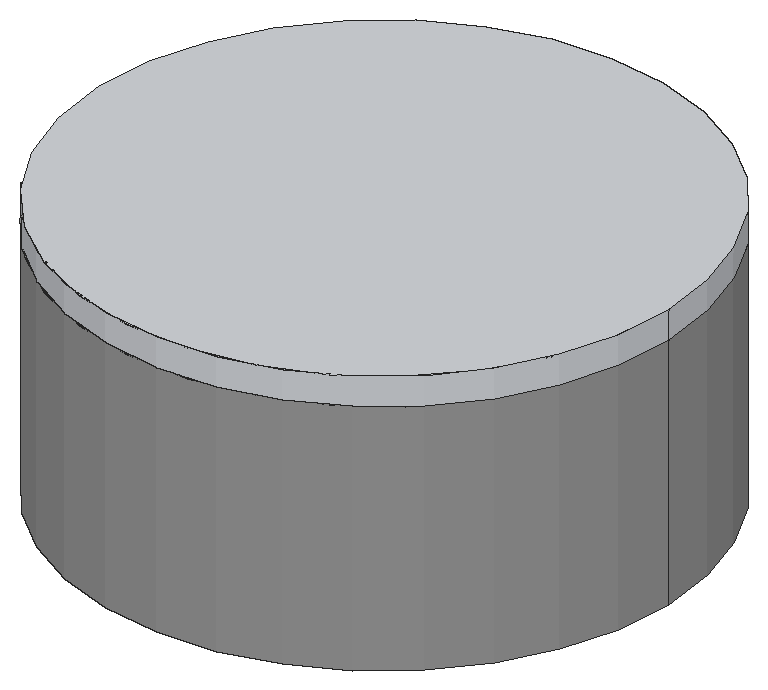
Revit family "Building-SurfaceMountingEnclosures-GEWISS-44CE-JUNCTION-BOXES-WALL-MOUNTING_ROUND", category Apparecchi elettrici, host Superficie, Revit 2016
Family settings
  Host = Superficie
  Mantenere orientamento annotazione = Sì
  Tipo di parte = Normale
  Quota connettore circolare = Usa diametro
  Numero OmniClass = 23.80.30.14.24
  Titolo OmniClass = Junction Boxes
  Taglio con vuoti quando caricato = No
  Condiviso = No
  Punto di calcolo locali = Sì
Parameters (values of type "GW44052 - JUNCT.BOX GLANDS D.80X40 IP44 GWT960°C")
  coperchio scatola = GEWISS COPERCHIO
  Walls = "With cable glands"
  Voltaggio = 0 V
  Version file RFA = "18.0"
  VISTA DI PIANTA [instance] = yes
  URL = "https://www.gewiss.com/ww/en"
  Type of material = ""
  Thermo-pressure with ball = "85 °C"
  Technical sheet = "https://www.gewiss.com/ww/en/search?q=GW44052"
  Shock resistance = "IK07"
  SEO = "Box"
  Realized by GEWISS S.p.A. = ""
  Produttore = "GEWISS S.p.A."
  Operating temperature = "-25 +60 °C"
  Modello = "GW44052"
  Material = "Technopolymer GWPLAST 75"
  Lid colour = ""
  Lid = "Plain press-on"
  Internal dim. LxHxD (mm) = "Ø 80x40"
  Insulation class = "II (according to IEC 61140 standards)"
  Immagine tipo = GW44001.jpg
  Scatola = GEWISS SCATOLA
  SIMBOLO [instance] = yes
  Raggio coperchio = Foro + 3 mm  # 45 mm
  IP degree = "IP44"
  IDT = "7d4f1a4b-4295-41f9-b726-f05049c8eb16"
  IDF = "281ef86f-a4be-434a-a055-bf78c4686e5f"
  Glow Wire Test = "960°C"
  GEWISS SCHEDA TECNICA = "http://pro.gewiss.com/irj/portal/?NavigationTarget=pcd:portal_content/com.gewiss.ZPPFDMain/com.gewiss.ZPPFDITMain/com.gewiss.ZPPFDITMainDefault/com.gewiss.ZPPFDITPages/com.gewiss.ZPPFDITPagesAP/com.gewiss.ZPPFDITPagesAPCatalogo/com.gewiss.ZPPPDITAPProductDetail&codProd=GW44052"
  Foro = Raggio + 2 mm  # 42 mm
  Raggio = 40 mm
  Entries No. holes / Ã˜ = "4 / 23"
  Electrocod = "02210"
  EAN code = "8011564217720"
  Distanza orizzontale simbolo [instance] = 181 mm
  Distanza dal muro [instance] = 4.208 mm
  Prospetto di default = 250 mm
  Spessore = 35 mm
  Elemento di dettaglio = ELEMENTI DI DETTAGLIO 44CE-ROUND : Ø 80x40
  Diametro scatola = Raggio * 2  # 80 mm
  Descrizione = "JUNCT.BOX GLANDS D.80X40 IP44 GWT960°C"
  Corrugato = none
  Colour = "Grey RAL 7035"
  Classificazione = Other
  Catalogue Range = "44 CE"
  Catalogue = "BUILDING"
  Carico apparente = 0 VA
  CORNICE SIMBOLO [instance] = yes
  COBie.Tagnumber = ""
  COBie.CreatedOn = ""
  COBie.CreatebBy = ""
  COBie.ComponentRegisterItemID = ""
  COBie.Component.TagNumber = ""
  COBie.Component.Space = ""
  COBie.Component.SerialNumber = ""
  COBie.Component.InstallationDate = ""
  COBie.Component.Description = ""
  COBie.Component.BarCode = ""
  Box colour = ""
  Application = "Special uses"
  Accessories for insulation restoring = "GW44622"
Types (5, lengths in mm): name | Type of material | Technical sheet | Modello | Lid colour | Internal dim. LxHxD (mm) | Immagine tipo | Scatola | Raggio coperchio | IDT | Glow Wire Test | GEWISS SCHEDA TECNICA | Foro | Raggio | EAN code | Elemento di dettaglio | Diametro scatola | Descrizione | Colour | Box colour | Application
  GW44001 - JUNCTION BOX+C.GLANDS D.65X35 IP44 | "Halogen-free in compliance with EN 60754-2" | "https://www.gewiss.com/ww/en/search?q=GW44001" | "GW44001" | "" | "Ø 65x35" | GW44001.jpg | GEWISS SCATOLA | 37.5 | "660c6dfd-ea2f-46c9-9122-45e4e3070b40" | "650°C" | "http://pro.gewiss.com/irj/portal/?NavigationTarget=pcd:portal_content/com.gewiss.ZPPFDMain/com.gewiss.ZPPFDITMain/com.gewiss.ZPPFDITMainDefault/com.gewiss.ZPPFDITPages/com.gewiss.ZPPFDITPagesAP/com.gewiss.ZPPFDITPagesAPCatalogo/com.gewiss.ZPPPDITAPProductDetail&codProd=GW44001" | 34.5 | 32.5 | "8011564013667" | ELEMENTI DI DETTAGLIO 44CE-ROUND : Ø 65x35 | 65 | "JUNCTION BOX+C.GLANDS D.65X35 IP44" | "Grey RAL 7035" | "" | "Ordinary junctions"
  GW44002 - JUNCTION BOX+C.GLANDS D.80X40 IP44 | "Halogen-free in compliance with EN 60754-2" | "https://www.gewiss.com/ww/en/search?q=GW44002" | "GW44002" | "" | "Ø 80x40" | GW44002.jpg | GEWISS SCATOLA | 45 | "f215516a-3b99-4cdb-8584-1a1891b5a973" | "650°C" | "http://pro.gewiss.com/irj/portal/?NavigationTarget=pcd:portal_content/com.gewiss.ZPPFDMain/com.gewiss.ZPPFDITMain/com.gewiss.ZPPFDITMainDefault/com.gewiss.ZPPFDITPages/com.gewiss.ZPPFDITPagesAP/com.gewiss.ZPPFDITPagesAPCatalogo/com.gewiss.ZPPPDITAPProductDetail&codProd=GW44002" | 42 | 40 | "8011564013674" | ELEMENTI DI DETTAGLIO 44CE-ROUND : Ø 80x40 | 80 | "JUNCTION BOX+C.GLANDS D.80X40 IP44" | "Grey RAL 7035" | "" | "Ordinary junctions"
  GW44051 - JUNCT.BOX GLANDS D.65X35 IP44 GWT960°C | "" | "https://www.gewiss.com/ww/en/search?q=GW44051" | "GW44051" | "" | "Ø 65x35" | GW44001.jpg | GEWISS SCATOLA | 37.5 | "1d503d68-e105-457d-8078-3e6d07989342" | "960°C" | "http://pro.gewiss.com/irj/portal/?NavigationTarget=pcd:portal_content/com.gewiss.ZPPFDMain/com.gewiss.ZPPFDITMain/com.gewiss.ZPPFDITMainDefault/com.gewiss.ZPPFDITPages/com.gewiss.ZPPFDITPagesAP/com.gewiss.ZPPFDITPagesAPCatalogo/com.gewiss.ZPPPDITAPProductDetail&codProd=GW44051" | 34.5 | 32.5 | "8011564180369" | ELEMENTI DI DETTAGLIO 44CE-ROUND : Ø 65x35 | 65 | "JUNCT.BOX GLANDS D.65X35 IP44 GWT960°C" | "Grey RAL 7035" | "" | "Special uses"
  GW44051R - IP44 BOX, Ø 65X65 W/ GWT 960º GL-R/G | "" | "https://www.gewiss.com/ww/en/search?q=GW44051R" | "GW44051R" | "Grey RAL 7035" | "Ø 65x35" | GW44051R.jpg | ROSSO RAL 3000 | 37.5 | "aff0a857-a63f-4b1f-a961-0a87f282ccfd" | "960°C" | "http://pro.gewiss.com/irj/portal/?NavigationTarget=pcd:portal_content/com.gewiss.ZPPFDMain/com.gewiss.ZPPFDITMain/com.gewiss.ZPPFDITMainDefault/com.gewiss.ZPPFDITPages/com.gewiss.ZPPFDITPagesAP/com.gewiss.ZPPFDITPagesAPCatalogo/com.gewiss.ZPPPDITAPProductDetail&codProd=GW44051R" | 34.5 | 32.5 | "8011564261617" | ELEMENTI DI DETTAGLIO 44CE-ROUND : Ø 65x35 | 65 | "IP44 BOX, Ø 65X65 W/ GWT 960º GL-R/G" | "" | "Red RAL 3000" | "Special uses"
  GW44052 - JUNCT.BOX GLANDS D.80X40 IP44 GWT960°C | "" | "https://www.gewiss.com/ww/en/search?q=GW44052" | "GW44052" | "" | "Ø 80x40" | GW44001.jpg | GEWISS SCATOLA | 45 | "7d4f1a4b-4295-41f9-b726-f05049c8eb16" | "960°C" | "http://pro.gewiss.com/irj/portal/?NavigationTarget=pcd:portal_content/com.gewiss.ZPPFDMain/com.gewiss.ZPPFDITMain/com.gewiss.ZPPFDITMainDefault/com.gewiss.ZPPFDITPages/com.gewiss.ZPPFDITPagesAP/com.gewiss.ZPPFDITPagesAPCatalogo/com.gewiss.ZPPPDITAPProductDetail&codProd=GW44052" | 42 | 40 | "8011564217720" | ELEMENTI DI DETTAGLIO 44CE-ROUND : Ø 80x40 | 80 | "JUNCT.BOX GLANDS D.80X40 IP44 GWT960°C" | "Grey RAL 7035" | "" | "Special uses"
Reference planes
  plane 1 "Centro (Fronte/Retro)": y = 0
  plane 2: z = 0
  plane 3 "Centro (Sinistra/Destra)": x = 0
  plane 4: z = 35
  plane 5: z = 2
  plane 6: z = 39
  plane 7: x = -40
  plane 8: x = 40
  plane 9: y = 40
  plane 10: y = -40
  plane 11: x = -181
Forms (mm)
  Extrusion 1, solid, material "GEWISS SCATOLA" <- "Scatola"
    sketch origin (0, 0, 0) x (1, 0, 0) y (0, 1, 0)
      loop
        circle (0, 0) r 42
      loop
        circle (0, 0) r 40
    from 0 to 35
  Extrusion 2, solid
    sketch origin (0, 0, 0) x (1, 0, 0) y (0, 1, 0)
      loop
        circle (0, 0) r 40
    from 0 to 2
  Extrusion 3, solid
    sketch origin (0, 0, -7.912) x (-1, 0, 0) y (0, -1, 0)
      loop
        circle (0, 0) r 42
    from 42.912 to 46.912
Lines and regions (mm)
  Masking region 1, visible <- "VISTA DI PIANTA"
    outline origin (0, 0, 0) x (1, 0, 0) y (0, 0, 1)
      loop
        line (-40, 0) -> (40, 0) -> (40, 39) -> (-40, 39) -> (-40, 0)
  Masking region 2
    outline origin (0, 0, 0) x (0, 1, 0) y (0, 0, 1)
      loop
        line (-40, 0) -> (40, 0) -> (40, 39) -> (-40, 39) -> (-40, 0)
Dimensions and locks
  "Spessore": plane 4 to host face
  locked: plane 6 to plane 4 at 4
  equal spacing: plane 7, plane 3 "Centro (Sinistra/Destra)", plane 8
  "Diametro scatola": plane 7 to plane 8
  equal spacing: plane 9, plane 1 "Centro (Fronte/Retro)", plane 10
  "Diametro scatola": plane 9 to plane 10
  "Distanza orizzontale simbolo": plane 11 to plane 3 "Centro (Sinistra/Destra)"
  "Foro": radius of Extrusion 1 sketch curve
  "Raggio": radius of Extrusion 1 sketch curve
  "Raggio": radius of Extrusion 2 sketch curve
  "Diametro scatola": diameter of Extrusion 1
  aligned and locked: plane 2 to host face
  aligned and locked: level to host face
  aligned and locked: plane 3 "Centro (Sinistra/Destra)" to nested 1
  aligned and locked: plane 1 "Centro (Fronte/Retro)" to nested 1
  aligned and locked: Extrusion 1 to host face
  aligned and locked: plane 4 to Extrusion 1
  aligned and locked: Extrusion 2 to host face
  aligned and locked: plane 5 to Extrusion 2
  aligned and locked: Extrusion 3 to plane 4
  aligned and locked: plane 6 to Extrusion 3
  aligned and locked: Extrusion 3 sketch curve to Extrusion 1
  aligned and locked: Extrusion 1 to Masking region 1 sketch curve
  aligned and locked: Extrusion 3 to Masking region 1 sketch curve
  aligned and locked: Extrusion 1 to Masking region 2 sketch curve
  aligned and locked: Extrusion 3 to Masking region 2 sketch curve
  aligned and locked: plane 8 to Masking region 1
  aligned and locked: Masking region 2 to plane 10
  aligned and locked: plane 9 to Masking region 2
  aligned and locked: plane 11 to nested 2
Automatic sketch dimensions
  host sketch curve to host sketch curve = 2438.4 mm  (x2)
  plane 1 "Centro (Fronte/Retro)" to Masking region 2 sketch curve = 40 mm
  Masking region 2 sketch curve to plane 1 "Centro (Fronte/Retro)" = 40 mm
  Masking region 1 sketch curve to plane 7 = 0 mm
  plane 8 to Masking region 1 sketch curve = 0 mm
  Extrusion 1 sketch curve to Extrusion 1 sketch curve = 0 mm  (x2)
  plane 1 "Centro (Fronte/Retro)" to Extrusion 1 sketch curve = 0 mm
  Extrusion 1 sketch curve to plane 3 "Centro (Sinistra/Destra)" = 0 mm
  plane 1 "Centro (Fronte/Retro)" to Extrusion 2 sketch curve = 0 mm
  Extrusion 2 sketch curve to plane 3 "Centro (Sinistra/Destra)" = 0 mm
Nested families
  nested 1: "ELEMENTI DI DETTAGLIO 44CE-ROUND" at (0, 0, -7.912), type <- "Elemento di dettaglio", type "Ø 80x40", detail levels medium+fine
  nested 2: "CASSDERIVAZPARPASS" at (-181, 328.774, 0), BORDO ACCESO <- "CORNICE SIMBOLO", SIMBOLO ACCESO <- "SIMBOLO", Distanza dal muro <- "Distanza dal muro", type "CASSETTA"
    with SIMBOLO ACCESO yes, Distanza dal muro 4.208 mm, BORDO ACCESO yes
Connectors
  electrical at (0, 0, 0), driven by "Classificazione", driven by "Voltaggio", driven by "Carico apparente"
    settings: on Extrusion 1, index 1, voltage 0 V, apparent load 0 VA, apparent load phase1 0 VA, apparent load phase2 0 VA, apparent load phase3 0 VA, power factor 1, load classification "Other", number of poles 1, system type 31, power factor state 1, is connector primary yes, connector utility no, sub classification motor no, connector description ""
Definition of nested family "ELEMENTI DI DETTAGLIO 44CE-ROUND"
  Parameters (values of type "Ø 80x40")
    GW44002 = yes
    GW44001 = no
  Types (2, lengths in mm): name | GW44002 | GW44001
    Ø 65x35 | no | yes
    Ø 80x40 | yes | no
  Reference planes
    plane 1 "Centro (Fronte/Retro)": y = 0
    plane 2: z = 0
    plane 3 "Centro (Sinistra/Destra)": x = 0
  Lines and regions (mm)
    detail lines, in view "Livello rif.", visible <- "GW44001"
      curve 1: line (-50.971, -0.033, 0) -> (50.909, -0.033, 0)
      curve 2: line (0.065, 34.389, 0) -> (0.065, -47.726, 0)
      curve 3: arc (-32.187, 4.08, 0) -> (1.777, -32.4, 0) -> (31.467, 7.635, 0) r 32.418
      curve 4: arc (-33.915, 3.934, 0) -> (2.015, -34.188, 0) -> (33.373, 7.775, 0) r 34.211
      curve 5: arc (-6.994, -33.507, 0) -> (-7.913, -34.857, 0) -> (-6.689, -35.937, 0) r 1.234
      curve 6: arc (6.819, -35.937, 0) -> (8.043, -34.857, 0) -> (7.124, -33.507, 0) r 1.234
      curve 7: arc (-3.845, -35.937, 0) -> (-4.828, -37.269, 0) -> (-3.6, -38.38, 0) r 1.234
      curve 8: arc (3.73, -38.38, 0) -> (4.958, -37.269, 0) -> (3.975, -35.937, 0) r 1.234
      curve 9: arc (-1.271, -38.38, 0) -> (0.065, -39.717, 0) -> (1.402, -38.38, 0) r 1.336
      curve 10: arc (-3.888, 39.556, 0) -> (-5.116, 38.445, 0) -> (-4.133, 37.112, 0) r 1.234
      curve 11: arc (-6.976, 37.112, 0) -> (-8.187, 36.118, 0) -> (-7.446, 34.737, 0) r 1.234
      curve 12: arc (3.688, 37.112, 0) -> (4.671, 38.445, 0) -> (3.443, 39.556, 0) r 1.234
      curve 13: arc (1.114, 39.556, 0) -> (-0.222, 40.893, 0) -> (-1.559, 39.556, 0) r 1.336
      curve 14: arc (7.183, 34.83, 0) -> (7.718, 36.217, 0) -> (6.532, 37.112, 0) r 1.234
      curve 15: arc (35.969, 6.721, 0) -> (34.889, 7.946, 0) -> (33.539, 7.027, 0) r 1.234
      curve 16: arc (35.969, -3.943, 0) -> (37.302, -4.926, 0) -> (38.413, -3.698, 0) r 1.234
      curve 17: arc (33.539, -7.092, 0) -> (34.889, -8.011, 0) -> (35.969, -6.787, 0) r 1.234
      curve 18: arc (38.413, -1.369, 0) -> (39.749, -0.033, 0) -> (38.413, 1.304, 0) r 1.336
      curve 19: arc (38.413, 3.633, 0) -> (37.302, 4.861, 0) -> (35.969, 3.878, 0) r 1.234
      curve 20: arc (-38.283, -3.698, 0) -> (-37.172, -4.926, 0) -> (-35.839, -3.943, 0) r 1.234
      curve 21: arc (-35.839, -6.787, 0) -> (-34.759, -8.011, 0) -> (-33.409, -7.092, 0) r 1.234
      curve 22: arc (-35.839, 3.878, 0) -> (-37.172, 4.861, 0) -> (-38.283, 3.633, 0) r 1.234
      curve 23: arc (-38.283, 1.304, 0) -> (-39.619, -0.033, 0) -> (-38.283, -1.369, 0) r 1.336
      curve 24: arc (-34.475, 7.948, 0) -> (-35.43, 7.639, 0) -> (-35.839, 6.721, 0) r 1.234
      curve 25: circle (0.065, -0.033, 0) r 3.665 normal (0, 0, 1)
      curve 26: circle (0.065, -0.033, 0) r 4.887 normal (0, 0, 1)
      curve 27: arc (9.871, -6.659, 0) -> (6.688, -6.656, 0) -> (6.691, -9.838, 0) r 2.248
      curve 28: arc (9.444, -7.716, 0) -> (7.748, -7.716, 0) -> (7.748, -9.412, 0) r 1.199
      curve 29: arc (17.212, -18.875, 0) -> (18.908, -18.874, 0) -> (18.906, -17.177, 0) r 1.199
      curve 30: arc (16.786, -19.934, 0) -> (19.968, -19.934, 0) -> (19.964, -16.752, 0) r 2.248
      curve 31: arc (-7.616, -9.41, 0) -> (-7.619, -7.715, 0) -> (-9.314, -7.716, 0) r 1.199
      curve 32: arc (-6.562, -9.839, 0) -> (-6.556, -6.658, 0) -> (-9.738, -6.656, 0) r 2.248
      curve 33: arc (-19.835, -16.753, 0) -> (-19.837, -19.935, 0) -> (-16.654, -19.932, 0) r 2.248
      curve 34: arc (-18.777, -17.179, 0) -> (-18.778, -18.875, 0) -> (-17.083, -18.876, 0) r 1.199
      curve 35: circle (-21.927, -0.033, 0) r 2.444 normal (0, 0, 1)
      curve 36: circle (22.058, -0.033, 0) r 2.444 normal (0, 0, 1)
      curve 37: arc (34.652, 7.953, 0) -> (-2.121, 35.478, 0) -> (-35.182, 3.59, 0) r 35.442
      curve 38: arc (1.038, 6.962, 0) -> (-4.499, 7.572, 0) -> (-10.069, 7.635, 0) r 56.535
      curve 39: arc (-30.769, 3.934, 0) -> (-20.412, 5.745, 0) -> (-10.069, 7.635, 0) r 1387.065
      curve 40: arc (-30.769, 3.934, 0) -> (-32.998, 4.056, 0) -> (-35.182, 3.59, 0) r 8.447
      curve 41: arc (26.449, 7.635, 0) -> (13.728, 7.867, 0) -> (1.038, 6.962, 0) r 142.173
      curve 42: arc (26.449, 7.635, 0) -> (30.37, 7.589, 0) -> (34.282, 7.869, 0) r 47.185
      curve 43: arc (4.727, 69.416, 0) -> (0.946, 70.415, 0) -> (-2.83, 69.396, 0) r 7.579
      curve 44: arc (-2.779, 69.425, 0) -> (0.973, 68.416, 0) -> (4.727, 69.416, 0) r 7.51
      curve 45: arc (-2.83, 69.396, 0) -> (-6.437, 69.788, 0) -> (-9.935, 68.824, 0) r 9.668
      curve 46: line (22.229, -22.197, 0) -> (0.065, -0.033, 0)
      curve 47: line (0.065, -0.033, 0) -> (-22.099, -22.197, 0)
      curve 48: line (-3.6, -38.38, 0) -> (3.73, -38.38, 0)
      curve 49: line (-6.689, -35.937, 0) -> (6.819, -35.937, 0)
      curve 50: line (9.654, -28.45, 0) -> (-9.506, -28.45, 0)
      curve 51: line (-9.506, -28.45, 0) -> (-10.979, -30.599, 0)
      curve 52: line (-10.979, -30.599, 0) -> (11.013, -30.599, 0)
      curve 53: line (11.013, -30.599, 0) -> (9.654, -28.45, 0)
      curve 54: line (-16.654, -19.932, 0) -> (-6.562, -9.839, 0)
      curve 55: line (-17.083, -18.876, 0) -> (-7.616, -9.41, 0)
      curve 56: line (-30.511, 3.978, 0) -> (-30.511, -11.049, 0)
      curve 57: line (-30.511, -11.049, 0) -> (-28.367, -9.577, 0)
      curve 58: line (-28.367, -9.577, 0) -> (-28.367, 4.608, 0)
      curve 59: line (-19.835, -16.753, 0) -> (-9.738, -6.656, 0)
      curve 60: line (-18.777, -17.179, 0) -> (-9.314, -7.716, 0)
      curve 61: line (-21.927, 4.607, 0) -> (-21.927, -4.141, 0)
      curve 62: line (30.6, 7.596, 0) -> (30.6, -11.163, 0)
      curve 63: line (30.6, -11.163, 0) -> (28.497, -9.69, 0)
      curve 64: line (28.497, -9.69, 0) -> (28.497, 7.57, 0)
      curve 65: line (18.906, -17.177, 0) -> (9.444, -7.716, 0)
      curve 66: line (19.964, -16.752, 0) -> (9.871, -6.659, 0)
      curve 67: line (16.786, -19.934, 0) -> (6.691, -9.838, 0)
      curve 68: line (17.212, -18.875, 0) -> (7.748, -9.412, 0)
      curve 69: line (22.058, 4.607, 0) -> (22.058, -4.141, 0)
      curve 70: line (-6.976, 37.112, 0) -> (6.532, 37.112, 0)
      curve 71: line (-3.888, 39.556, 0) -> (3.443, 39.556, 0)
      curve 72: line (35.969, -6.787, 0) -> (35.969, 6.721, 0)
      curve 73: line (38.413, -3.698, 0) -> (38.413, 3.633, 0)
      curve 74: line (-35.839, -6.787, 0) -> (-35.839, 6.721, 0)
      curve 75: line (-38.283, -3.698, 0) -> (-38.283, 3.633, 0)
      curve 76: line (-9.935, 68.824, 0) -> (-9.935, 34.389, 0)
      curve 77: line (-9.935, 34.389, 0) -> (10.065, 34.389, 0)
      curve 78: line (10.065, 34.389, 0) -> (10.065, 68.824, 0)
      curve 79: line (10.065, 68.824, 0) -> (4.727, 69.416, 0)
      curve 80: line (-9.935, 68.199, 0) -> (-9.935, 58.139, 0)
      curve 81: line (10.065, 68.199, 0) -> (10.065, 58.139, 0)
    detail lines, in view "Livello rif.", visible <- "GW44002"
      curve 82: line (-50.971, 0, 0) -> (50.909, 0, 0)
      curve 83: line (0.065, 54.865, 0) -> (0.065, -47.693, 0)
      curve 84: arc (-39.605, 5.059, 0) -> (2.17, -39.812, 0) -> (38.69, 9.431, 0) r 39.874
      curve 85: arc (-41.73, 4.879, 0) -> (2.463, -42.011, 0) -> (41.034, 9.603, 0) r 42.079
      curve 86: arc (-8.618, -41.173, 0) -> (-9.748, -42.833, 0) -> (-8.242, -44.162, 0) r 1.518
      curve 87: arc (8.372, -44.162, 0) -> (9.878, -42.833, 0) -> (8.748, -41.173, 0) r 1.518
      curve 88: arc (-4.745, -44.162, 0) -> (-5.954, -45.801, 0) -> (-4.443, -47.168, 0) r 1.518
      curve 89: arc (4.574, -47.168, 0) -> (6.084, -45.801, 0) -> (4.875, -44.162, 0) r 1.518
      curve 90: arc (-1.271, -47.168, 0) -> (0.065, -48.504, 0) -> (1.402, -47.168, 0) r 1.336
      curve 91: arc (-4.797, 48.694, 0) -> (-6.307, 47.328, 0) -> (-5.098, 45.689, 0) r 1.518
      curve 92: arc (-8.596, 45.689, 0) -> (-10.085, 44.465, 0) -> (-9.174, 42.767, 0) r 1.518
      curve 93: arc (4.521, 45.689, 0) -> (5.73, 47.328, 0) -> (4.22, 48.694, 0) r 1.518
      curve 94: arc (1.355, 48.694, 0) -> (-0.289, 50.338, 0) -> (-1.932, 48.694, 0) r 1.644
      curve 95: arc (8.82, 42.881, 0) -> (9.478, 44.587, 0) -> (8.019, 45.689, 0) r 1.518
      curve 96: arc (44.227, 8.307, 0) -> (42.898, 9.813, 0) -> (41.238, 8.683, 0) r 1.518
      curve 97: arc (44.227, -4.81, 0) -> (45.866, -6.019, 0) -> (47.233, -4.508, 0) r 1.518
      curve 98: arc (41.238, -8.683, 0) -> (42.898, -9.813, 0) -> (44.227, -8.307, 0) r 1.518
      curve 99: arc (47.233, -1.644, 0) -> (48.877, 0, 0) -> (47.233, 1.644, 0) r 1.644
      curve 100: arc (47.233, 4.508, 0) -> (45.866, 6.019, 0) -> (44.227, 4.81, 0) r 1.518
      curve 101: arc (-47.103, -4.508, 0) -> (-45.736, -6.019, 0) -> (-44.097, -4.81, 0) r 1.518
      curve 102: arc (-44.097, -8.307, 0) -> (-42.768, -9.813, 0) -> (-41.108, -8.683, 0) r 1.518
      curve 103: arc (-44.097, 4.81, 0) -> (-45.736, 6.019, 0) -> (-47.103, 4.508, 0) r 1.518
      curve 104: arc (-47.103, 1.644, 0) -> (-48.746, 0, 0) -> (-47.103, -1.644, 0) r 1.644
      curve 105: arc (-42.419, 9.817, 0) -> (-43.594, 9.436, 0) -> (-44.097, 8.307, 0) r 1.518
      curve 106: circle (0.065, 0, 0) r 4.508 normal (0, 0, 1)
      curve 107: circle (0.065, 0, 0) r 6.011 normal (0, 0, 1)
      curve 108: arc (12.126, -8.15, 0) -> (8.212, -8.147, 0) -> (8.215, -12.061, 0) r 2.765
      curve 109: arc (11.601, -9.45, 0) -> (9.515, -9.45, 0) -> (9.515, -11.536, 0) r 1.475
      curve 110: arc (21.155, -23.176, 0) -> (23.242, -23.175, 0) -> (23.239, -21.088, 0) r 1.475
      curve 111: arc (20.632, -24.478, 0) -> (24.546, -24.478, 0) -> (24.54, -20.564, 0) r 2.765
      curve 112: arc (-9.383, -11.534, 0) -> (-9.386, -9.449, 0) -> (-11.471, -9.45, 0) r 1.475
      curve 113: arc (-8.086, -12.062, 0) -> (-8.079, -8.149, 0) -> (-11.992, -8.147, 0) r 2.765
      curve 114: arc (-24.412, -20.566, 0) -> (-24.414, -24.48, 0) -> (-20.5, -24.476, 0) r 2.765
      curve 115: arc (-23.111, -21.09, 0) -> (-23.112, -23.175, 0) -> (-21.026, -23.177, 0) r 1.475
      curve 116: circle (-26.986, 0, 0) r 3.006 normal (0, 0, 1)
      curve 117: circle (27.116, 0, 0) r 3.006 normal (0, 0, 1)
      curve 118: arc (42.606, 9.822, 0) -> (-2.624, 43.679, 0) -> (-43.288, 4.456, 0) r 43.594
      curve 119: arc (1.261, 8.603, 0) -> (-5.549, 9.354, 0) -> (-12.4, 9.431, 0) r 69.539
      curve 120: arc (-37.86, 4.879, 0) -> (-25.122, 7.107, 0) -> (-12.4, 9.431, 0) r 1706.09
      curve 121: arc (-37.86, 4.879, 0) -> (-40.603, 5.029, 0) -> (-43.288, 4.456, 0) r 10.39
      curve 122: arc (32.517, 9.431, 0) -> (16.871, 9.717, 0) -> (1.261, 8.603, 0) r 174.873
      curve 123: arc (32.517, 9.431, 0) -> (37.341, 9.375, 0) -> (42.152, 9.719, 0) r 58.037
      curve 124: arc (4.613, 69.474, 0) -> (0.862, 70.473, 0) -> (-2.892, 69.484, 0) r 7.579
      curve 125: arc (-2.892, 69.484, 0) -> (0.859, 68.474, 0) -> (4.613, 69.474, 0) r 7.51
      curve 126: arc (-2.7, 69.376, 0) -> (-6.423, 69.856, 0) -> (-10.048, 68.882, 0) r 9.668
      curve 127: line (27.327, -27.262, 0) -> (0.065, 0, 0)
      curve 128: line (0.065, 0, 0) -> (-27.197, -27.262, 0)
      curve 129: line (-4.443, -47.168, 0) -> (4.574, -47.168, 0)
      curve 130: line (-8.242, -44.162, 0) -> (8.372, -44.162, 0)
      curve 131: line (11.859, -34.954, 0) -> (-11.708, -34.954, 0)
      curve 132: line (-11.708, -34.954, 0) -> (-13.519, -37.596, 0)
      curve 133: line (-13.519, -37.596, 0) -> (13.532, -37.596, 0)
      curve 134: line (13.532, -37.596, 0) -> (11.859, -34.954, 0)
      curve 135: line (-20.5, -24.476, 0) -> (-8.086, -12.062, 0)
      curve 136: line (-21.026, -23.177, 0) -> (-9.383, -11.534, 0)
      curve 137: line (-37.543, 4.933, 0) -> (-37.543, -13.55, 0)
      curve 138: line (-37.543, -13.55, 0) -> (-34.906, -11.739, 0)
      curve 139: line (-34.906, -11.739, 0) -> (-34.906, 5.709, 0)
      curve 140: line (-24.412, -20.566, 0) -> (-11.992, -8.147, 0)
      curve 141: line (-23.111, -21.09, 0) -> (-11.471, -9.45, 0)
      curve 142: line (-26.986, 5.707, 0) -> (-26.986, -5.053, 0)
      curve 143: line (37.623, 9.384, 0) -> (37.623, -13.69, 0)
      curve 144: line (37.623, -13.69, 0) -> (35.036, -11.879, 0)
      curve 145: line (35.036, -11.879, 0) -> (35.036, 9.352, 0)
      curve 146: line (23.239, -21.088, 0) -> (11.601, -9.45, 0)
      curve 147: line (24.54, -20.564, 0) -> (12.126, -8.15, 0)
      curve 148: line (20.632, -24.478, 0) -> (8.215, -12.061, 0)
      curve 149: line (21.155, -23.176, 0) -> (9.515, -11.536, 0)
      curve 150: line (27.116, 5.707, 0) -> (27.116, -5.053, 0)
      curve 151: line (-8.596, 45.689, 0) -> (8.019, 45.689, 0)
      curve 152: line (-4.797, 48.694, 0) -> (4.22, 48.694, 0)
      curve 153: line (44.227, -8.307, 0) -> (44.227, 8.307, 0)
      curve 154: line (47.233, -4.508, 0) -> (47.233, 4.508, 0)
      curve 155: line (-44.097, -8.307, 0) -> (-44.097, 8.307, 0)
      curve 156: line (-47.103, -4.508, 0) -> (-47.103, 4.508, 0)
      curve 157: line (-10.048, 68.882, 0) -> (-10.048, 50.013, 0)
      curve 158: line (-10.048, 50.013, 0) -> (9.952, 50.013, 0)
      curve 159: line (9.952, 50.013, 0) -> (9.952, 68.882, 0)
      curve 160: line (9.952, 68.882, 0) -> (4.613, 69.474, 0)
      curve 161: line (-10.048, 68.257, 0) -> (-10.048, 58.198, 0)
      curve 162: line (9.952, 68.257, 0) -> (9.952, 58.198, 0)
    detail lines, in view "Livello rif.", visible <- "GW44002", not visible
      curve 163: line (71.386, -0.904, 0) -> (173.266, -0.904, 0)
      curve 164: line (122.422, 53.961, 0) -> (122.422, -48.597, 0)
      curve 165: arc (82.752, 4.155, 0) -> (124.527, -40.716, 0) -> (161.046, 8.527, 0) r 39.874
      curve 166: arc (80.626, 3.975, 0) -> (124.82, -42.915, 0) -> (163.39, 8.699, 0) r 42.079
      curve 167: arc (113.739, -42.078, 0) -> (112.608, -43.738, 0) -> (114.114, -45.066, 0) r 1.518
      curve 168: arc (130.729, -45.066, 0) -> (132.235, -43.738, 0) -> (131.105, -42.078, 0) r 1.518
      curve 169: arc (117.612, -45.066, 0) -> (116.403, -46.705, 0) -> (117.913, -48.072, 0) r 1.518
      curve 170: arc (126.93, -48.072, 0) -> (128.441, -46.705, 0) -> (127.231, -45.066, 0) r 1.518
      curve 171: arc (121.085, -48.072, 0) -> (122.422, -49.408, 0) -> (123.758, -48.072, 0) r 1.336
      curve 172: arc (117.56, 47.79, 0) -> (116.049, 46.424, 0) -> (117.258, 44.784, 0) r 1.518
      curve 173: arc (113.761, 44.784, 0) -> (112.272, 43.561, 0) -> (113.183, 41.863, 0) r 1.518
      curve 174: arc (126.878, 44.784, 0) -> (128.087, 46.424, 0) -> (126.577, 47.79, 0) r 1.518
      curve 175: arc (123.712, 47.79, 0) -> (122.068, 49.434, 0) -> (120.424, 47.79, 0) r 1.644
      curve 176: arc (131.177, 41.977, 0) -> (131.835, 43.683, 0) -> (130.375, 44.784, 0) r 1.518
      curve 177: arc (166.584, 7.403, 0) -> (165.255, 8.909, 0) -> (163.595, 7.779, 0) r 1.518
      curve 178: arc (166.584, -5.714, 0) -> (168.223, -6.923, 0) -> (169.589, -5.413, 0) r 1.518
      curve 179: arc (163.595, -9.587, 0) -> (165.255, -10.718, 0) -> (166.584, -9.212, 0) r 1.518
      curve 180: arc (169.589, -2.548, 0) -> (171.233, -0.904, 0) -> (169.589, 0.74, 0) r 1.644
      curve 181: arc (169.589, 3.604, 0) -> (168.223, 5.115, 0) -> (166.584, 3.906, 0) r 1.518
      curve 182: arc (75.254, -5.413, 0) -> (76.621, -6.923, 0) -> (78.26, -5.714, 0) r 1.518
      curve 183: arc (78.26, -9.212, 0) -> (79.588, -10.718, 0) -> (81.248, -9.587, 0) r 1.518
      curve 184: arc (78.26, 3.906, 0) -> (76.621, 5.115, 0) -> (75.254, 3.604, 0) r 1.518
      curve 185: arc (75.254, 0.74, 0) -> (73.61, -0.904, 0) -> (75.254, -2.548, 0) r 1.644
      curve 186: arc (79.938, 8.913, 0) -> (78.763, 8.532, 0) -> (78.26, 7.403, 0) r 1.518
      curve 187: circle (122.422, -0.904, 0) r 4.508 normal (0, 0, 1)
      curve 188: circle (122.422, -0.904, 0) r 6.011 normal (0, 0, 1)
      curve 189: arc (134.483, -9.054, 0) -> (130.568, -9.051, 0) -> (130.572, -12.965, 0) r 2.765
      curve 190: arc (133.958, -10.354, 0) -> (131.872, -10.354, 0) -> (131.872, -12.44, 0) r 1.475
      curve 191: arc (143.512, -24.08, 0) -> (145.599, -24.079, 0) -> (145.596, -21.992, 0) r 1.475
      curve 192: arc (142.989, -25.382, 0) -> (146.903, -25.382, 0) -> (146.897, -21.469, 0) r 2.765
      curve 193: arc (112.974, -12.438, 0) -> (112.97, -10.353, 0) -> (110.886, -10.354, 0) r 1.475
      curve 194: arc (114.27, -12.966, 0) -> (114.277, -9.053, 0) -> (110.364, -9.051, 0) r 2.765
      curve 195: arc (97.945, -21.47, 0) -> (97.943, -25.384, 0) -> (101.857, -25.38, 0) r 2.765
      curve 196: arc (99.246, -21.994, 0) -> (99.245, -24.08, 0) -> (101.33, -24.081, 0) r 1.475
      curve 197: circle (95.371, -0.904, 0) r 3.006 normal (0, 0, 1)
      curve 198: circle (149.472, -0.904, 0) r 3.006 normal (0, 0, 1)
      curve 199: arc (164.963, 8.918, 0) -> (119.733, 42.775, 0) -> (79.068, 3.552, 0) r 43.594
      curve 200: arc (123.618, 7.699, 0) -> (116.808, 8.45, 0) -> (109.956, 8.527, 0) r 69.539
      curve 201: arc (84.496, 3.975, 0) -> (97.235, 6.202, 0) -> (109.956, 8.527, 0) r 1706.09
      curve 202: arc (84.496, 3.975, 0) -> (81.754, 4.125, 0) -> (79.068, 3.552, 0) r 10.39
      curve 203: arc (154.874, 8.527, 0) -> (139.227, 8.813, 0) -> (123.618, 7.699, 0) r 174.873
      curve 204: arc (154.874, 8.527, 0) -> (159.697, 8.471, 0) -> (164.509, 8.815, 0) r 58.037
      curve 205: arc (126.97, 68.57, 0) -> (123.218, 69.569, 0) -> (119.465, 68.579, 0) r 7.579
      curve 206: arc (119.465, 68.579, 0) -> (123.216, 67.57, 0) -> (126.97, 68.57, 0) r 7.51
      curve 207: arc (119.656, 68.472, 0) -> (115.933, 68.952, 0) -> (112.308, 67.978, 0) r 9.668
      curve 208: line (149.684, -28.166, 0) -> (122.422, -0.904, 0)
      curve 209: line (122.422, -0.904, 0) -> (95.159, -28.166, 0)
      curve 210: line (117.913, -48.072, 0) -> (126.93, -48.072, 0)
      curve 211: line (114.114, -45.066, 0) -> (130.729, -45.066, 0)
      curve 212: line (134.216, -35.858, 0) -> (110.649, -35.858, 0)
      curve 213: line (110.649, -35.858, 0) -> (108.837, -38.5, 0)
      curve 214: line (108.837, -38.5, 0) -> (135.888, -38.5, 0)
      curve 215: line (135.888, -38.5, 0) -> (134.216, -35.858, 0)
      curve 216: line (101.857, -25.38, 0) -> (114.27, -12.966, 0)
      curve 217: line (101.33, -24.081, 0) -> (112.974, -12.438, 0)
      curve 218: line (84.813, 4.029, 0) -> (84.813, -14.455, 0)
      curve 219: line (84.813, -14.455, 0) -> (87.45, -12.643, 0)
      curve 220: line (87.45, -12.643, 0) -> (87.45, 4.804, 0)
      curve 221: line (97.945, -21.47, 0) -> (110.364, -9.051, 0)
      curve 222: line (99.246, -21.994, 0) -> (110.886, -10.354, 0)
      curve 223: line (95.371, 4.802, 0) -> (95.371, -5.957, 0)
      curve 224: line (159.979, 8.48, 0) -> (159.979, -14.594, 0)
      curve 225: line (159.979, -14.594, 0) -> (157.393, -12.783, 0)
      curve 226: line (157.393, -12.783, 0) -> (157.393, 8.447, 0)
      curve 227: line (145.596, -21.992, 0) -> (133.958, -10.354, 0)
      curve 228: line (146.897, -21.469, 0) -> (134.483, -9.054, 0)
      curve 229: line (142.989, -25.382, 0) -> (130.572, -12.965, 0)
      curve 230: line (143.512, -24.08, 0) -> (131.872, -12.44, 0)
      curve 231: line (149.472, 4.802, 0) -> (149.472, -5.957, 0)
      curve 232: line (113.761, 44.784, 0) -> (130.375, 44.784, 0)
      curve 233: line (117.56, 47.79, 0) -> (126.577, 47.79, 0)
      curve 234: line (166.584, -9.212, 0) -> (166.584, 7.403, 0)
      curve 235: line (169.589, -5.413, 0) -> (169.589, 3.604, 0)
      curve 236: line (78.26, -9.212, 0) -> (78.26, 7.403, 0)
      curve 237: line (75.254, -5.413, 0) -> (75.254, 3.604, 0)
      curve 238: line (112.308, 67.978, 0) -> (112.308, 49.109, 0)
      curve 239: line (112.308, 49.109, 0) -> (132.308, 49.109, 0)
      curve 240: line (132.308, 49.109, 0) -> (132.308, 67.978, 0)
      curve 241: line (132.308, 67.978, 0) -> (126.97, 68.57, 0)
      curve 242: line (112.308, 67.353, 0) -> (112.308, 57.294, 0)
      curve 243: line (132.308, 67.353, 0) -> (132.308, 57.294, 0)
    detail lines, in view "Livello rif.", visible <- "GW44001", not visible
      curve 244: line (0.065, 34.389, 0) -> (0.065, -47.726, 0)
      curve 245: arc (-32.187, 4.08, 0) -> (1.777, -32.4, 0) -> (31.467, 7.635, 0) r 32.418
      curve 246: arc (-33.915, 3.934, 0) -> (2.015, -34.188, 0) -> (33.373, 7.775, 0) r 34.211
      curve 247: arc (-6.994, -33.507, 0) -> (-7.913, -34.857, 0) -> (-6.689, -35.937, 0) r 1.234
      curve 248: arc (6.819, -35.937, 0) -> (8.043, -34.857, 0) -> (7.124, -33.507, 0) r 1.234
      curve 249: arc (-3.845, -35.937, 0) -> (-4.828, -37.269, 0) -> (-3.6, -38.38, 0) r 1.234
      curve 250: arc (3.73, -38.38, 0) -> (4.958, -37.269, 0) -> (3.975, -35.937, 0) r 1.234
      curve 251: arc (-1.271, -38.38, 0) -> (0.065, -39.717, 0) -> (1.402, -38.38, 0) r 1.336
      curve 252: arc (-3.888, 39.556, 0) -> (-5.116, 38.445, 0) -> (-4.133, 37.112, 0) r 1.234
      curve 253: arc (-6.976, 37.112, 0) -> (-8.187, 36.118, 0) -> (-7.446, 34.737, 0) r 1.234
      curve 254: arc (3.688, 37.112, 0) -> (4.671, 38.445, 0) -> (3.443, 39.556, 0) r 1.234
      curve 255: arc (1.114, 39.556, 0) -> (-0.222, 40.893, 0) -> (-1.559, 39.556, 0) r 1.336
      curve 256: arc (7.183, 34.83, 0) -> (7.718, 36.217, 0) -> (6.532, 37.112, 0) r 1.234
      curve 257: arc (35.969, 6.721, 0) -> (34.889, 7.946, 0) -> (33.539, 7.027, 0) r 1.234
      curve 258: arc (35.969, -3.943, 0) -> (37.302, -4.926, 0) -> (38.413, -3.698, 0) r 1.234
      curve 259: arc (33.539, -7.092, 0) -> (34.889, -8.011, 0) -> (35.969, -6.787, 0) r 1.234
      curve 260: arc (38.413, -1.369, 0) -> (39.749, -0.033, 0) -> (38.413, 1.304, 0) r 1.336
      curve 261: arc (38.413, 3.633, 0) -> (37.302, 4.861, 0) -> (35.969, 3.878, 0) r 1.234
      curve 262: arc (-38.283, -3.698, 0) -> (-37.172, -4.926, 0) -> (-35.839, -3.943, 0) r 1.234
      curve 263: arc (-35.839, -6.787, 0) -> (-34.759, -8.011, 0) -> (-33.409, -7.092, 0) r 1.234
      curve 264: arc (-35.839, 3.878, 0) -> (-37.172, 4.861, 0) -> (-38.283, 3.633, 0) r 1.234
      curve 265: arc (-38.283, 1.304, 0) -> (-39.619, -0.033, 0) -> (-38.283, -1.369, 0) r 1.336
      curve 266: arc (-34.475, 7.948, 0) -> (-35.43, 7.639, 0) -> (-35.839, 6.721, 0) r 1.234
      curve 267: circle (0.065, -0.033, 0) r 3.665 normal (0, 0, 1)
      curve 268: circle (0.065, -0.033, 0) r 4.887 normal (0, 0, 1)
      curve 269: arc (9.871, -6.659, 0) -> (6.688, -6.656, 0) -> (6.691, -9.838, 0) r 2.248
      curve 270: arc (9.444, -7.716, 0) -> (7.748, -7.716, 0) -> (7.748, -9.412, 0) r 1.199
      curve 271: arc (17.212, -18.875, 0) -> (18.908, -18.874, 0) -> (18.906, -17.177, 0) r 1.199
      curve 272: arc (16.786, -19.934, 0) -> (19.968, -19.934, 0) -> (19.964, -16.752, 0) r 2.248
      curve 273: arc (-7.616, -9.41, 0) -> (-7.619, -7.715, 0) -> (-9.314, -7.716, 0) r 1.199
      curve 274: arc (-6.562, -9.839, 0) -> (-6.556, -6.658, 0) -> (-9.738, -6.656, 0) r 2.248
      curve 275: arc (-19.835, -16.753, 0) -> (-19.837, -19.935, 0) -> (-16.654, -19.932, 0) r 2.248
      curve 276: arc (-18.777, -17.179, 0) -> (-18.778, -18.875, 0) -> (-17.083, -18.876, 0) r 1.199
      curve 277: circle (-21.927, -0.033, 0) r 2.444 normal (0, 0, 1)
      curve 278: circle (22.058, -0.033, 0) r 2.444 normal (0, 0, 1)
      curve 279: arc (34.652, 7.953, 0) -> (-2.121, 35.478, 0) -> (-35.182, 3.59, 0) r 35.442
      curve 280: arc (1.038, 6.962, 0) -> (-4.499, 7.572, 0) -> (-10.069, 7.635, 0) r 56.535
      curve 281: arc (-30.769, 3.934, 0) -> (-20.412, 5.745, 0) -> (-10.069, 7.635, 0) r 1387.065
      curve 282: arc (-30.769, 3.934, 0) -> (-32.998, 4.056, 0) -> (-35.182, 3.59, 0) r 8.447
      curve 283: arc (26.449, 7.635, 0) -> (13.728, 7.867, 0) -> (1.038, 6.962, 0) r 142.173
      curve 284: arc (26.449, 7.635, 0) -> (30.37, 7.589, 0) -> (34.282, 7.869, 0) r 47.185
      curve 285: arc (4.727, 69.416, 0) -> (0.946, 70.415, 0) -> (-2.83, 69.396, 0) r 7.579
      curve 286: arc (-2.779, 69.425, 0) -> (0.973, 68.416, 0) -> (4.727, 69.416, 0) r 7.51
      curve 287: arc (-2.83, 69.396, 0) -> (-6.437, 69.788, 0) -> (-9.935, 68.824, 0) r 9.668
      curve 288: line (22.229, -22.197, 0) -> (0.065, -0.033, 0)
      curve 289: line (0.065, -0.033, 0) -> (-22.099, -22.197, 0)
      curve 290: line (-3.6, -38.38, 0) -> (3.73, -38.38, 0)
      curve 291: line (-6.689, -35.937, 0) -> (6.819, -35.937, 0)
      curve 292: line (9.654, -28.45, 0) -> (-9.506, -28.45, 0)
      curve 293: line (-9.506, -28.45, 0) -> (-10.979, -30.599, 0)
      curve 294: line (-10.979, -30.599, 0) -> (11.013, -30.599, 0)
      curve 295: line (11.013, -30.599, 0) -> (9.654, -28.45, 0)
      curve 296: line (-16.654, -19.932, 0) -> (-6.562, -9.839, 0)
      curve 297: line (-17.083, -18.876, 0) -> (-7.616, -9.41, 0)
      curve 298: line (-30.511, 3.978, 0) -> (-30.511, -11.049, 0)
      curve 299: line (-30.511, -11.049, 0) -> (-28.367, -9.577, 0)
      curve 300: line (-28.367, -9.577, 0) -> (-28.367, 4.608, 0)
      curve 301: line (-19.835, -16.753, 0) -> (-9.738, -6.656, 0)
      curve 302: line (-18.777, -17.179, 0) -> (-9.314, -7.716, 0)
      curve 303: line (-21.927, 4.607, 0) -> (-21.927, -4.141, 0)
      curve 304: line (30.6, 7.596, 0) -> (30.6, -11.163, 0)
      curve 305: line (30.6, -11.163, 0) -> (28.497, -9.69, 0)
      curve 306: line (28.497, -9.69, 0) -> (28.497, 7.57, 0)
      curve 307: line (18.906, -17.177, 0) -> (9.444, -7.716, 0)
      curve 308: line (19.964, -16.752, 0) -> (9.871, -6.659, 0)
      curve 309: line (16.786, -19.934, 0) -> (6.691, -9.838, 0)
      curve 310: line (17.212, -18.875, 0) -> (7.748, -9.412, 0)
      curve 311: line (22.058, 4.607, 0) -> (22.058, -4.141, 0)
      curve 312: line (-6.976, 37.112, 0) -> (6.532, 37.112, 0)
      curve 313: line (-3.888, 39.556, 0) -> (3.443, 39.556, 0)
      curve 314: line (35.969, -6.787, 0) -> (35.969, 6.721, 0)
      curve 315: line (38.413, -3.698, 0) -> (38.413, 3.633, 0)
      curve 316: line (-35.839, -6.787, 0) -> (-35.839, 6.721, 0)
      curve 317: line (-38.283, -3.698, 0) -> (-38.283, 3.633, 0)
      curve 318: line (-9.935, 68.824, 0) -> (-9.935, 34.389, 0)
      curve 319: line (-9.935, 34.389, 0) -> (10.065, 34.389, 0)
      curve 320: line (10.065, 34.389, 0) -> (10.065, 68.824, 0)
      curve 321: line (10.065, 68.824, 0) -> (4.727, 69.416, 0)
      curve 322: line (-9.935, 68.199, 0) -> (-9.935, 58.139, 0)
      curve 323: line (10.065, 68.199, 0) -> (10.065, 58.139, 0)
Definition of nested family "CASSDERIVAZPARPASS"
  Parameters (values of type "CASSETTA")
    SIMBOLO ACCESO [instance] = yes
    Distanza dal muro [instance] = 4.208 mm
    BORDO ACCESO [instance] = yes
  Reference planes
    plane 1: y = 0
    plane 2: x = 0
  Dimensions and locks
    "Distanza dal muro": plane 1 to nested 1
    aligned and locked: plane 2 to nested 1
  Nested families
    nested 1: "CASSDERIVAZPARPASS_BASE" at (0, 4.208, 0), BORDO ACCESO <- "BORDO ACCESO", SIMBOLO ACCESO <- "SIMBOLO ACCESO", type "COPRIFORO"
      with BORDO ACCESO yes
  Definition of nested family "CASSDERIVAZPARPASS_BASE"
    Parameters (values of type "COPRIFORO")
      SIMBOLO ACCESO [instance] = yes
      Distanza dal muro = 4.208 mm
      BORDO ACCESO [instance] = yes
    Reference planes
      plane 1: y = 0
      plane 2: x = 0
    Lines and regions (mm)
      detail lines, visible <- "BORDO ACCESO"
        curve 1: line (-1, 2.5, 0) -> (1, 2.5, 0)
        curve 2: line (1, 2.5, 0) -> (1, 0, 0)
        curve 3: line (1, 0, 0) -> (-1, 0, 0)
        curve 4: line (-1, 0, 0) -> (-1, 2.5, 0)
        curve 5: line (-0.9, 2.4, 0) -> (0.9, 2.4, 0)
        curve 6: line (0.9, 2.4, 0) -> (0.9, 0.1, 0)
        curve 7: line (0.9, 0.1, 0) -> (-0.9, 0.1, 0)
        curve 8: line (-0.9, 0.1, 0) -> (-0.9, 2.4, 0)
      detail lines, visible <- "BORDO ACCESO", not visible
        curve 9: line (-2.443, 10.208, 0) -> (2.057, 10.208, 0)
        curve 10: line (2.057, 10.208, 0) -> (2.057, 4.208, 0)
        curve 11: line (2.057, 4.208, 0) -> (-2.443, 4.208, 0)
        curve 12: line (-2.443, 4.208, 0) -> (-2.443, 10.208, 0)
        curve 13: line (-2.043, 9.808, 0) -> (1.657, 9.808, 0)
        curve 14: line (1.657, 9.808, 0) -> (1.657, 4.608, 0)
        curve 15: line (1.657, 4.608, 0) -> (-2.043, 4.608, 0)
        curve 16: line (-2.043, 4.608, 0) -> (-2.043, 9.808, 0)
      detail lines, visible <- "SIMBOLO ACCESO"
        curve 17: line (-0.7, 1.95, 0) -> (0.7, 1.95, 0)
        curve 18: line (-0.7, 0.55, 0) -> (-0.7, 1.95, 0)
        curve 19: line (0.7, 0.55, 0) -> (-0.7, 0.55, 0)
        curve 20: line (0.7, 1.95, 0) -> (0.7, 0.55, 0)
        curve 21: circle (0, 1.25, 0) r 0.1 normal (0, 0, 1)
        curve 22: line (0.7, 1.568, 0) -> (0.891, 1.568, 0)
        curve 23: line (0.7, 0.933, 0) -> (0.891, 0.933, 0)
        curve 24: line (-0.7, 1.568, 0) -> (-0.891, 1.568, 0)
        curve 25: line (-0.7, 0.933, 0) -> (-0.891, 0.933, 0)
    Dimensions and locks
      aligned and locked: curve 3 to plane 1
